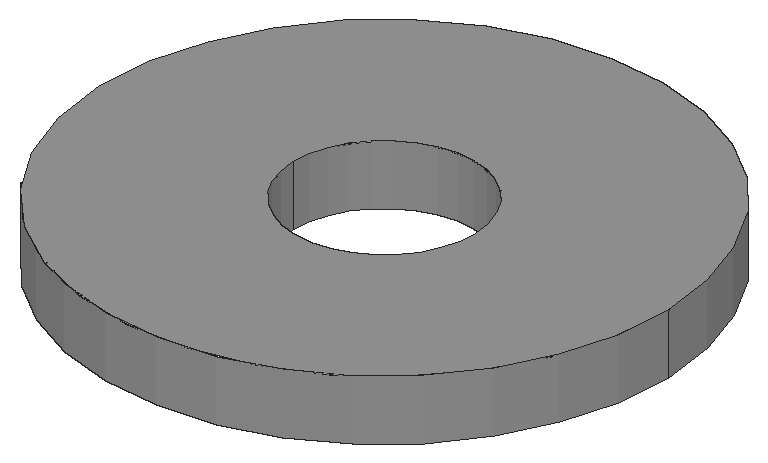
Revit family "Unterlegscheibe DIN440 9 A2", category Generic Models, Revit 2017
Family settings
  Can host rebar = No
  Round Connector Dimension = Use Diameter
  Part Type = Normal
  Work Plane-Based = No
  Always vertical = Yes
  Cut with Voids When Loaded = No
  Shared = No
  Room Calculation Point = No
Parameters (values of type "DIN440 9 A2")
  URL = "http://www.obo-bettermann.com"
  Material = Edelstahl, rostfrei 1.4301
  Manufacturer Art.No. = "6408715"
  Manufacturer = "OBO BETTERMANN"
  Height = 3 mm
  GTIN = "4012196712205"
  Diameter 1 = 9 mm
  Diameter = 28 mm
  Article Type = "DIN440 9 A2"
Reference planes
  plane 1 "Center (Front/Back)": y = 0
  plane 2: z = 0
  plane 3 "Center (Left/Right)": x = 0
  plane 4: z = 3
Forms (mm)
  Extrusion 1, solid, material "Edelstahl, rostfrei 1.4301" <- "Material"
    sketch origin (0, 0, 0) x (1, 0, 0) y (0, 1, 0)
      loop
        circle (0, 0) r 14
      loop
        circle (0, 0) r 4.5
    from 0 to 3
Dimensions and locks
  locked: plane 3 "Center (Left/Right)" to Extrusion 1 sketch curve  (x2)
  locked: plane 3 "Center (Left/Right)" to Extrusion 1 sketch curve at 4.5
  locked: plane 3 "Center (Left/Right)" to Extrusion 1 sketch curve at 14
  diameter of Extrusion 1 sketch curve = 9 mm
  diameter of Extrusion 1 sketch curve = 28 mm
  aligned and locked: level to plane 2
  aligned and locked: Extrusion 1 to plane 4
  aligned and locked: Extrusion 1 to level
